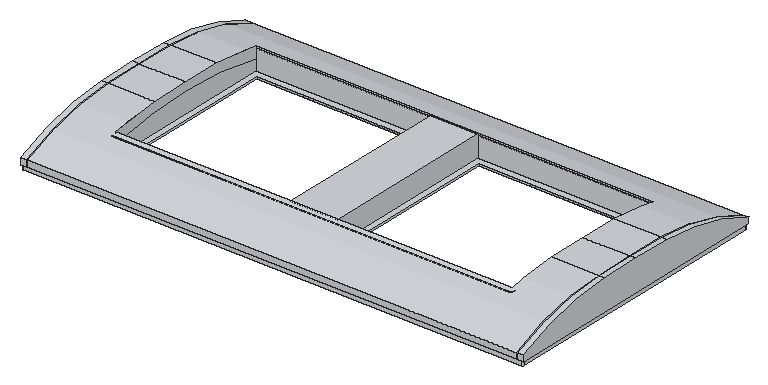
Revit family "Gira_0212331", category Electrical Fixtures, host Face, Revit 2017
Family settings
  Host = Face
  Maintain Annotation Orientation = No
  Round Connector Dimension = Use Diameter
  Part Type = Normal
  Cut with Voids When Loaded = No
  Shared = No
  Room Calculation Point = No
Parameters (values of type "Cov.fr. 2-g interm.fr. PW Gira Event Opaque dark brown")
  With mounting grid = "No"
  With hinged lid = "No"
  URL = "http://katalog.gira.de/en/datenblatt.html?artikelnr=0212331"
  Type of fastening = "Clamp mounting"
  Transparent = "No"
  Surface protection = "Other"
  Suitable for wall duct = "No"
  Suitable for flush-mounted installation = "Yes"
  Suitable for floor box = "No"
  Suitable for built-in installation = "No"
  Number of units vertical = "2"
  Number of units horizontal = "2"
  Number of units = "2"
  Name = "Cov.fr. 2-g interm.fr. PW Gira Event Opaque dark brown"
  Mounting direction = "Horizontal and vertical"
  Material quality = "Thermoplastic"
  Material = "Plastic"
  Manufacturer URL = "https://www.gira.de/"
  Manufacturer = "Gira"
  Label space/information surface = "No"
  Keynote = ""
  HeinzeBIM = "https://bimportal.heinze.de/bim/cov-fr-2-g-interm-fr-pw-gira-event-opaque-dark-brown/470313ba69a77371cecd441d090fce13695ee4c4"
  Halogen free = "Yes"
  HAN = "0212331"
  GTIN = "4010337074694"
  Description = "Cov.fr.2g i.fr.PW EvOp DBN,Gira Event Opaque frames,dark brown with pure white glossy intermediate frame,2-gang,Features:,- Shatter-proof."
  Degree of protection (IP) = "IP20"
  Default Elevation = 1219.2 mm
  Data sheet (1) = "https://katalog.gira.de/en/download.html?artikelnr=0212331"
  Colour = "Brown"
  Category = "Cover frame for domestic switching devices"
  BIM (1) = "https://media.stage.bim.site/public/gira/36a6b08/Event_Rahmen_2fach.rfa"
  Available = "No"
Reference planes
  plane 1 "Center (Front/Back)": y = 0
  plane 2: z = 0
  plane 3 "Center (Left/Right)": x = 0
Forms (mm)
  Extrusion 1, solid, detail levels fine
    sketch origin (0, 0, 0.05) x (0, 1, 0) y (0, 0, 1)
      loop
        arc (12.445, 9.683) -> (6.223, 9.833) -> (0, 9.85) r 291.636
        arc (0, 9.85) -> (-6.223, 9.833) -> (-12.445, 9.683) r 291.636
        arc (-12.445, 9.683) -> (-29.14, 7.482) -> (-45, 1.823) r 79.728
        line (-45, 1.823) -> (-45, -0.05) -> (-42.086, -0.05)
        arc (-42.086, -0.05) -> (-21.385, 5.559) -> (0, 7.206) r 114.424
        arc (0, 7.206) -> (21.385, 5.559) -> (42.086, -0.05) r 114.424
        line (42.086, -0.05) -> (45, -0.05) -> (45, 1.823)
        arc (45, 1.823) -> (29.14, 7.482) -> (12.445, 9.683) r 79.728
    from -78.55 to 78.55
  Extrusion 2, void, detail levels fine
    sketch origin (0, 0, 0) x (1, 0, 0) y (0, 1, 0)
      loop
        line (-63.55, -27.937) -> (63.55, -27.937) -> (63.55, 28.063) -> (-63.55, 28.063) -> (-63.55, -27.937)
    from 0.724 to 11
  Extrusion 3, solid, detail levels coarse
    sketch origin (0, 0, 0) x (1, 0, 0) y (0, 1, 0)
      loop
        line (-80.55, 45) -> (-80.55, -45) -> (80.55, -45) -> (80.55, 45) -> (-80.55, 45)
    from -1.5 to 9.9
  Extrusion 4, solid, detail levels medium
    sketch origin (0, 0, 0.05) x (0, 1, 0) y (0, 0, 1)
      loop
        arc (12.445, 9.683) -> (6.223, 9.833) -> (0, 9.85) r 291.636
        arc (0, 9.85) -> (-6.223, 9.833) -> (-12.445, 9.683) r 291.636
        arc (-12.445, 9.683) -> (-29.14, 7.482) -> (-45, 1.823) r 79.728
        line (-45, 1.823) -> (-45, -0.05) -> (45, -0.05) -> (45, 1.823)
        arc (45, 1.823) -> (29.14, 7.482) -> (12.445, 9.683) r 79.728
    from -80.55 to 80.55
  Extrusion 5, solid, detail levels fine
    sketch origin (-35.55, 0, -1.5) x (0, 1, 0) y (0, 0, -1)
      loop
        line (45, -3.373) -> (45, -1.5) -> (-45, -1.5) -> (-45, -3.373)
        arc (-45, -3.373) -> (-29.14, -9.032) -> (-12.445, -11.233) r 79.728
        arc (-12.445, -11.233) -> (-6.223, -11.383) -> (0, -11.4) r 291.636
        arc (0, -11.4) -> (6.223, -11.383) -> (12.445, -11.233) r 291.636
        arc (12.445, -11.233) -> (29.14, -9.032) -> (45, -3.373) r 79.728
    from 43 to 45
  Extrusion 6, solid, detail levels fine
    sketch origin (0, 0, 0) x (1, 0, 0) y (0, 1, 0)
      loop
        line (-61.45, 25.7) -> (-61.45, -25.7) -> (-9.65, -25.7) -> (-9.65, 25.7) -> (-61.45, 25.7)
      loop
        line (61.45, -25.7) -> (61.45, 25.7) -> (9.65, 25.7) -> (9.65, -25.7) -> (61.45, -25.7)
      loop
        line (-64.445, 28.49) -> (-64.445, -28.495)
        spline (-64.445, -28.495) -> (-64.436, -28.625) -> (-64.411, -28.754) -> (-64.369, -28.878) -> (-64.311, -28.995) -> (-64.238, -29.104) -> (-64.152, -29.202) -> (-64.054, -29.288) -> (-63.945, -29.361) -> (-63.828, -29.419) -> (-63.704, -29.461) -> (-63.575, -29.486) -> (-63.445, -29.495)
        line (-63.445, -29.495) -> (63.445, -29.495)
        spline (63.445, -29.495) -> (63.575, -29.486) -> (63.704, -29.461) -> (63.828, -29.419) -> (63.945, -29.361) -> (64.054, -29.288) -> (64.152, -29.202) -> (64.238, -29.104) -> (64.311, -28.995) -> (64.369, -28.878) -> (64.411, -28.754) -> (64.436, -28.625) -> (64.445, -28.495)
        line (64.445, -28.495) -> (64.445, 28.49)
        spline (64.445, 28.49) -> (64.436, 28.62) -> (64.411, 28.748) -> (64.369, 28.872) -> (64.311, 28.99) -> (64.238, 29.098) -> (64.152, 29.197) -> (64.054, 29.283) -> (63.945, 29.356) -> (63.828, 29.413) -> (63.704, 29.456) -> (63.575, 29.481) -> (63.445, 29.49)
        line (63.445, 29.49) -> (-63.445, 29.49)
        spline (-63.445, 29.49) -> (-63.575, 29.481) -> (-63.704, 29.456) -> (-63.828, 29.413) -> (-63.945, 29.356) -> (-64.054, 29.283) -> (-64.152, 29.197) -> (-64.238, 29.098) -> (-64.311, 28.99) -> (-64.369, 28.872) -> (-64.411, 28.748) -> (-64.436, 28.62) -> (-64.445, 28.49)
    from 0.1 to 7.3
  Extrusion 7, solid
    sketch origin (0, 0, 0) x (1, 0, 0) y (0, 1, 0)
      loop
        arc (-80.25, -44.2) -> (-80.104, -44.554) -> (-79.75, -44.7) r 0.5
        line (-79.75, -44.7) -> (79.75, -44.7)
        arc (79.75, -44.7) -> (80.104, -44.554) -> (80.25, -44.2) r 0.5
        line (80.25, -44.2) -> (80.25, 44.2)
        arc (80.25, 44.2) -> (80.104, 44.554) -> (79.75, 44.7) r 0.5
        line (79.75, 44.7) -> (-79.75, 44.7)
        arc (-79.75, 44.7) -> (-80.104, 44.554) -> (-80.25, 44.2) r 0.5
        line (-80.25, 44.2) -> (-80.25, -44.2)
      loop
        line (-78.55, 43) -> (-78.55, -43) -> (78.55, -43) -> (78.55, 43) -> (-78.55, 43)
    from -1.5 to 0.5
  Extrusion 8, solid, detail levels fine
    sketch origin (35.55, 0, -1.5) x (0, 1, 0) y (0, 0, 1)
      loop
        arc (45, 3.373) -> (29.14, 9.032) -> (12.445, 11.233) r 79.728
        arc (12.445, 11.233) -> (6.223, 11.383) -> (0, 11.4) r 291.636
        arc (0, 11.4) -> (-6.223, 11.383) -> (-12.445, 11.233) r 291.636
        arc (-12.445, 11.233) -> (-29.14, 9.032) -> (-45, 3.373) r 79.728
        line (-45, 3.373) -> (-45, 1.5) -> (45, 1.5) -> (45, 3.373)
    from 43 to 45
  Extrusion 9, solid, detail levels medium
    sketch origin (0, 0, 0) x (1, 0, 0) y (0, 1, 0)
      loop
        line (-80.25, -44.7) -> (80.25, -44.7) -> (80.25, 44.7) -> (-80.25, 44.7) -> (-80.25, -44.7)
    from -1.5 to 0.5
  Extrusion 10, solid, detail levels fine
    sketch origin (0, 0, 0) x (1, 0, 0) y (0, 1, 0)
      loop
        line (-7.55, 28.063) -> (-7.55, -27.937) -> (7.55, -27.937) -> (7.55, 28.063) -> (-7.55, 28.063)
    from 0.724 to 7.566
Cuts and joins
  Extrusion 2 cuts Extrusion 1
  Extrusion 2 cuts Extrusion 6
Dimensions and locks
  aligned and locked: plane 2 to host face
  aligned and locked: level to host face
